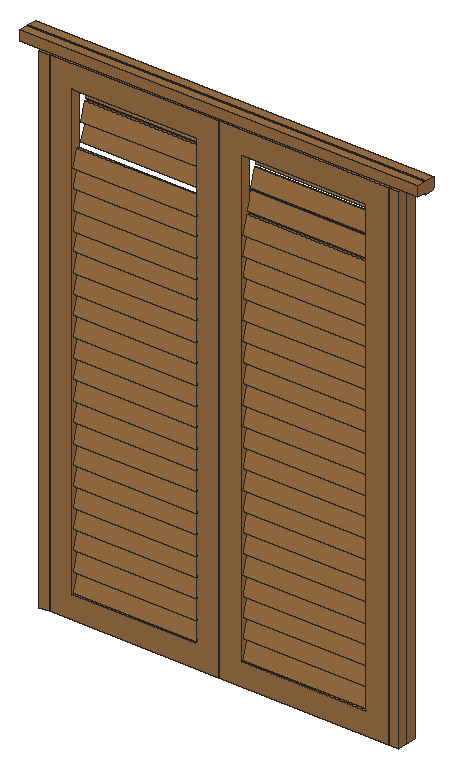
Revit family "DSP_A3-Double-Louvre-Door-2380", category Doors, host Wall, Revit 2016
Family settings
  Host = Wall
  Always vertical = Yes
  Cut with Voids When Loaded = No
  Shared = No
  Room Calculation Point = No
Parameters (values of type "1612w X 2125")
  URL = "http://www.swartland.co.za"
  Thickness = 0 mm
  Rough Width = Width - (2 * Frame Width)  # 1610 mm
  Rough Height = Height - 93 mm  # 2032 mm
  Model Type = "Double Door"
  Model = "Winsters"
  Material Glass = Glass
  Material Door Panel = Default Timber Door Panel
  Material Door Frame = Default Timber Door Frame
  Manufacturer Code Panel = ""
  Manufacturer Code Frame = ""
  Manufacturer = "Swartland"
  Height = 2125 mm
  Wall Closure = By host
  Width = 1676 mm
  Function = Interior
  Frame Width = 33 mm
  Construction Type = "Timber"
  Assembly Code = ""
Types (4, lengths in mm): name | Rough Width | Rough Height | Manufacturer Code Panel | Manufacturer Code Frame | Height | Width
  1612w X 2125 | 1610 | 2032 | "" | "" | 2125 | 1676
  1210w X 2125 | 1210 | 2032 | "PD6-1210" | "1210 N/S" | 2125 | 1276
  1210w X 2465 | 1210 | 2372 | "PD6-1210" | "1210 N/S" | 2465 | 1276
  1612w X 2465 | 1610 | 2339 | "" | "" | 2432 | 1676
Reference planes
  plane 1 "Center Line": y = 0
  plane 2 "Center (Left/Right)": x = 68.5
  plane 3 "Left": x = -769.5
  plane 4 "Right": x = 906.5
  plane 5: z = 2125
  plane 6 "Exterior": y = 110
  plane 7 "Interior": y = -110
  plane 8: x = 996.5
  plane 9: x = -859.5
  plane 10: x = 854.5
  plane 11: x = 873.5
  plane 12: x = -736.5
  plane 13: z = 2092
  plane 14: z = 205
  plane 15 "Panel centre": y = -24.5
  plane 16 "panel interior": y = -35.5
  plane 17 "Panel Exterior": y = -13.5
  plane 18: x = -617.5
  plane 19: x = 754.5
  plane 20: z = 1032.5
  plane 21: z = 105
  plane 22: z = 905
Forms (mm)
  Sweep 1, solid, material "Default TIMBER DOOR (USE)", detail levels medium+fine
    path origin (0, 0, 0) x (1, 0, 0) y (0, 0, 1)
      loop
        line (996.5, 2380) -> (-859.5, 2380)
    profile "Frame profile : Frame profile" origin (68.5, 0, 2380) x (0, 0, -1) y (0, -1, 0)
      loop
        line (0, -45) -> (47, -45) -> (47, -43)
        arc (47, -43) -> (51.243, -41.243) -> (53, -37) r 6
        line (53, -37) -> (55, -37) -> (55, 0) -> (40, 0) -> (40, 3) -> (47, 3) -> (47, 45) -> (0, 45) -> (0, 6) -> (10, 6) -> (10, 0) -> (0, 0) -> (0, -45)
  Sweep 2, solid, material "Default TIMBER DOOR (USE)", detail levels medium+fine
    path origin (0, 0, 0) x (1, 0, 0) y (0, 0, 1)
      loop
        line (906.5, 0) -> (906.5, 2325)
    profile "Frame profile : Frame profile" origin (906.5, 0, 1162.5) x (-1, 0, 0) y (0, -1, 0)
      loop
        line (0, -45) -> (47, -45) -> (47, -43)
        arc (47, -43) -> (51.243, -41.243) -> (53, -37) r 6
        line (53, -37) -> (55, -37) -> (55, 0) -> (40, 0) -> (40, 3) -> (47, 3) -> (47, 45) -> (0, 45) -> (0, 6) -> (10, 6) -> (10, 0) -> (0, 0) -> (0, -45)
  Sweep 3, solid, material "Default TIMBER DOOR (USE)", detail levels medium+fine
    path origin (0, 0, 0) x (1, 0, 0) y (0, 0, 1)
      loop
        line (-769.5, 0) -> (-769.5, 2325)
    profile "Frame profile : Frame profile" origin (-769.5, 0, 1162.5) x (-1, 0, 0) y (0, -1, 0)
      loop
        line (0, -45) -> (0, 0) -> (-10, 0) -> (-10, 6) -> (0, 6) -> (0, 45) -> (-47, 45) -> (-47, 3) -> (-40, 3) -> (-40, 0) -> (-55, 0) -> (-55, -37) -> (-53, -37)
        arc (-53, -37) -> (-51.243, -41.243) -> (-47, -43) r 6
        line (-47, -43) -> (-47, -45) -> (0, -45)
  Extrusion 4, solid, material "Default TIMBER DOOR (USE)"
    sketch origin (0, 0, 0) x (1, 0, 0) y (0, 0, 1)
      loop
        line (68.5, 0) -> (859.5, 0) -> (859.5, 2325) -> (68.5, 2325) -> (68.5, 0)
      loop
        line (173.5, 105) -> (754.5, 105) -> (754.5, 2220) -> (173.5, 2220) -> (173.5, 105)
    from 3 to 45
  Extrusion 5, solid, material "Default TIMBER DOOR (USE)"
    sketch origin (0, 0, 0) x (1, 0, 0) y (0, 0, 1)
      loop
        line (-722.5, 0) -> (68.5, 0) -> (68.5, 2325) -> (-722.5, 2325) -> (-722.5, 0)
      loop
        line (-617.5, 105) -> (-36.5, 105) -> (-36.5, 2220) -> (-617.5, 2220) -> (-617.5, 105)
    from 3 to 45
  Extrusion 6, solid, material "Default TIMBER DOOR (USE)"
    sketch origin (0, -61.597, 7.914) x (1, 0, 0) y (0, 0.292372, 0.956305)
      loop
        line (-36.5, 105) -> (-36.5, 185) -> (-617.5, 185) -> (-617.5, 105) -> (-36.5, 105)
    from 11 to -1
  Extrusion 7, solid, material "Default TIMBER DOOR (USE)"
    sketch origin (0, -64.521, 1783.304) x (1, 0, 0) y (0, 0.292372, 0.956305)
      loop
        line (-36.5, 105) -> (-36.5, 185) -> (-617.5, 185) -> (-617.5, 105) -> (-36.5, 105)
    from 11 to -1
  Extrusion 8, solid, material "Default TIMBER DOOR (USE)"
    sketch origin (0, -61.597, 97.162) x (1, 0, 0) y (0, 0.292372, 0.956305)
      loop
        line (-36.5, 105) -> (-36.5, 185) -> (-617.5, 185) -> (-617.5, 105) -> (-36.5, 105)
    from 11 to -1
  Extrusion 9, solid, material "Default TIMBER DOOR (USE)"
    sketch origin (0, -61.597, 186.409) x (1, 0, 0) y (0, 0.292372, 0.956305)
      loop
        line (-36.5, 105) -> (-36.5, 185) -> (-617.5, 185) -> (-617.5, 105) -> (-36.5, 105)
    from 11 to -1
  Extrusion 10, solid, material "Default TIMBER DOOR (USE)"
    sketch origin (0, -61.597, 275.657) x (1, 0, 0) y (0, 0.292372, 0.956305)
      loop
        line (-36.5, 105) -> (-36.5, 185) -> (-617.5, 185) -> (-617.5, 105) -> (-36.5, 105)
    from 11 to -1
  Extrusion 11, solid, material "Default TIMBER DOOR (USE)"
    sketch origin (0, -61.597, 364.905) x (1, 0, 0) y (0, 0.292372, 0.956305)
      loop
        line (-36.5, 105) -> (-36.5, 185) -> (-617.5, 185) -> (-617.5, 105) -> (-36.5, 105)
    from 11 to -1
  Extrusion 12, solid, material "Default TIMBER DOOR (USE)"
    sketch origin (0, -61.597, 454.152) x (1, 0, 0) y (0, 0.292372, 0.956305)
      loop
        line (-36.5, 105) -> (-36.5, 185) -> (-617.5, 185) -> (-617.5, 105) -> (-36.5, 105)
    from 11 to -1
  Extrusion 13, solid, material "Default TIMBER DOOR (USE)"
    sketch origin (0, -61.597, 543.4) x (1, 0, 0) y (0, 0.292372, 0.956305)
      loop
        line (-36.5, 105) -> (-36.5, 185) -> (-617.5, 185) -> (-617.5, 105) -> (-36.5, 105)
    from 11 to -1
  Extrusion 14, solid, material "Default TIMBER DOOR (USE)"
    sketch origin (0, -61.597, 632.648) x (1, 0, 0) y (0, 0.292372, 0.956305)
      loop
        line (-36.5, 105) -> (-36.5, 185) -> (-617.5, 185) -> (-617.5, 105) -> (-36.5, 105)
    from 11 to -1
  Extrusion 15, solid, material "Default TIMBER DOOR (USE)"
    sketch origin (0, -61.597, 721.895) x (1, 0, 0) y (0, 0.292372, 0.956305)
      loop
        line (-36.5, 105) -> (-36.5, 185) -> (-617.5, 185) -> (-617.5, 105) -> (-36.5, 105)
    from 11 to -1
  Extrusion 16, solid, material "Default TIMBER DOOR (USE)"
    sketch origin (0, -61.597, 811.143) x (1, 0, 0) y (0, 0.292372, 0.956305)
      loop
        line (-36.5, 105) -> (-36.5, 185) -> (-617.5, 185) -> (-617.5, 105) -> (-36.5, 105)
    from 11 to -1
  Extrusion 17, solid, material "Default TIMBER DOOR (USE)"
    sketch origin (0, -61.597, 900.391) x (1, 0, 0) y (0, 0.292372, 0.956305)
      loop
        line (-36.5, 105) -> (-36.5, 185) -> (-617.5, 185) -> (-617.5, 105) -> (-36.5, 105)
    from 11 to -1
  Extrusion 18, solid, material "Default TIMBER DOOR (USE)"
    sketch origin (0, -61.597, 989.638) x (1, 0, 0) y (0, 0.292372, 0.956305)
      loop
        line (-36.5, 105) -> (-36.5, 185) -> (-617.5, 185) -> (-617.5, 105) -> (-36.5, 105)
    from 11 to -1
  Extrusion 19, solid, material "Default TIMBER DOOR (USE)"
    sketch origin (0, -61.597, 1078.886) x (1, 0, 0) y (0, 0.292372, 0.956305)
      loop
        line (-36.5, 105) -> (-36.5, 185) -> (-617.5, 185) -> (-617.5, 105) -> (-36.5, 105)
    from 11 to -1
  Extrusion 20, solid, material "Default TIMBER DOOR (USE)"
    sketch origin (0, -61.597, 1168.134) x (1, 0, 0) y (0, 0.292372, 0.956305)
      loop
        line (-36.5, 105) -> (-36.5, 185) -> (-617.5, 185) -> (-617.5, 105) -> (-36.5, 105)
    from 11 to -1
  Extrusion 21, solid, material "Default TIMBER DOOR (USE)"
    sketch origin (0, -61.597, 1257.381) x (1, 0, 0) y (0, 0.292372, 0.956305)
      loop
        line (-36.5, 105) -> (-36.5, 185) -> (-617.5, 185) -> (-617.5, 105) -> (-36.5, 105)
    from 11 to -1
  Extrusion 22, solid, material "Default TIMBER DOOR (USE)"
    sketch origin (0, -61.597, 1346.629) x (1, 0, 0) y (0, 0.292372, 0.956305)
      loop
        line (-36.5, 105) -> (-36.5, 185) -> (-617.5, 185) -> (-617.5, 105) -> (-36.5, 105)
    from 11 to -1
  Extrusion 23, solid, material "Default TIMBER DOOR (USE)"
    sketch origin (0, -61.597, 1435.877) x (1, 0, 0) y (0, 0.292372, 0.956305)
      loop
        line (-36.5, 105) -> (-36.5, 185) -> (-617.5, 185) -> (-617.5, 105) -> (-36.5, 105)
    from 11 to -1
  Extrusion 24, solid, material "Default TIMBER DOOR (USE)"
    sketch origin (0, -63.059, 1520.343) x (1, 0, 0) y (0, 0.292372, 0.956305)
      loop
        line (-36.5, 105) -> (-36.5, 185) -> (-617.5, 185) -> (-617.5, 105) -> (-36.5, 105)
    from 11 to -1
  Extrusion 25, solid, material "Default TIMBER DOOR (USE)"
    sketch origin (0, -63.059, 1609.591) x (1, 0, 0) y (0, 0.292372, 0.956305)
      loop
        line (-36.5, 105) -> (-36.5, 185) -> (-617.5, 185) -> (-617.5, 105) -> (-36.5, 105)
    from 11 to -1
  Extrusion 26, solid, material "Default TIMBER DOOR (USE)"
    sketch origin (0, -63.059, 1698.838) x (1, 0, 0) y (0, 0.292372, 0.956305)
      loop
        line (-36.5, 105) -> (-36.5, 185) -> (-617.5, 185) -> (-617.5, 105) -> (-36.5, 105)
    from 11 to -1
  Extrusion 27, solid, material "Default TIMBER DOOR (USE)"
    sketch origin (791, -61.597, 7.914) x (1, 0, 0) y (0, 0.292372, 0.956305)
      loop
        line (-36.5, 105) -> (-36.5, 185) -> (-617.5, 185) -> (-617.5, 105) -> (-36.5, 105)
    from 11 to -1
  Extrusion 28, solid, material "Default TIMBER DOOR (USE)"
    sketch origin (791, -61.597, 1783.304) x (1, 0, 0) y (0, 0.292372, 0.956305)
      loop
        line (-36.5, 105) -> (-36.5, 185) -> (-617.5, 185) -> (-617.5, 105) -> (-36.5, 105)
    from 11 to -1
  Extrusion 29, solid, material "Default TIMBER DOOR (USE)"
    sketch origin (791, -61.597, 96.684) x (1, 0, 0) y (0, 0.292372, 0.956305)
      loop
        line (-36.5, 105) -> (-36.5, 185) -> (-617.5, 185) -> (-617.5, 105) -> (-36.5, 105)
    from 11 to -1
  Extrusion 30, solid, material "Default TIMBER DOOR (USE)"
    sketch origin (791, -61.597, 185.453) x (1, 0, 0) y (0, 0.292372, 0.956305)
      loop
        line (-36.5, 105) -> (-36.5, 185) -> (-617.5, 185) -> (-617.5, 105) -> (-36.5, 105)
    from 11 to -1
  Extrusion 31, solid, material "Default TIMBER DOOR (USE)"
    sketch origin (791, -61.597, 274.223) x (1, 0, 0) y (0, 0.292372, 0.956305)
      loop
        line (-36.5, 105) -> (-36.5, 185) -> (-617.5, 185) -> (-617.5, 105) -> (-36.5, 105)
    from 11 to -1
  Extrusion 32, solid, material "Default TIMBER DOOR (USE)"
    sketch origin (791, -61.597, 362.992) x (1, 0, 0) y (0, 0.292372, 0.956305)
      loop
        line (-36.5, 105) -> (-36.5, 185) -> (-617.5, 185) -> (-617.5, 105) -> (-36.5, 105)
    from 11 to -1
  Extrusion 33, solid, material "Default TIMBER DOOR (USE)"
    sketch origin (791, -61.597, 451.762) x (1, 0, 0) y (0, 0.292372, 0.956305)
      loop
        line (-36.5, 105) -> (-36.5, 185) -> (-617.5, 185) -> (-617.5, 105) -> (-36.5, 105)
    from 11 to -1
  Extrusion 34, solid, material "Default TIMBER DOOR (USE)"
    sketch origin (791, -61.597, 540.531) x (1, 0, 0) y (0, 0.292372, 0.956305)
      loop
        line (-36.5, 105) -> (-36.5, 185) -> (-617.5, 185) -> (-617.5, 105) -> (-36.5, 105)
    from 11 to -1
  Extrusion 35, solid, material "Default TIMBER DOOR (USE)"
    sketch origin (791, -61.597, 629.301) x (1, 0, 0) y (0, 0.292372, 0.956305)
      loop
        line (-36.5, 105) -> (-36.5, 185) -> (-617.5, 185) -> (-617.5, 105) -> (-36.5, 105)
    from 11 to -1
  Extrusion 36, solid, material "Default TIMBER DOOR (USE)"
    sketch origin (791, -61.597, 718.07) x (1, 0, 0) y (0, 0.292372, 0.956305)
      loop
        line (-36.5, 105) -> (-36.5, 185) -> (-617.5, 185) -> (-617.5, 105) -> (-36.5, 105)
    from 11 to -1
  Extrusion 37, solid, material "Default TIMBER DOOR (USE)"
    sketch origin (791, -61.597, 806.84) x (1, 0, 0) y (0, 0.292372, 0.956305)
      loop
        line (-36.5, 105) -> (-36.5, 185) -> (-617.5, 185) -> (-617.5, 105) -> (-36.5, 105)
    from 11 to -1
  Extrusion 38, solid, material "Default TIMBER DOOR (USE)"
    sketch origin (791, -61.597, 895.609) x (1, 0, 0) y (0, 0.292372, 0.956305)
      loop
        line (-36.5, 105) -> (-36.5, 185) -> (-617.5, 185) -> (-617.5, 105) -> (-36.5, 105)
    from 11 to -1
  Extrusion 39, solid, material "Default TIMBER DOOR (USE)"
    sketch origin (791, -61.597, 984.379) x (1, 0, 0) y (0, 0.292372, 0.956305)
      loop
        line (-36.5, 105) -> (-36.5, 185) -> (-617.5, 185) -> (-617.5, 105) -> (-36.5, 105)
    from 11 to -1
  Extrusion 40, solid, material "Default TIMBER DOOR (USE)"
    sketch origin (791, -61.597, 1073.148) x (1, 0, 0) y (0, 0.292372, 0.956305)
      loop
        line (-36.5, 105) -> (-36.5, 185) -> (-617.5, 185) -> (-617.5, 105) -> (-36.5, 105)
    from 11 to -1
  Extrusion 41, solid, material "Default TIMBER DOOR (USE)"
    sketch origin (791, -61.597, 1161.918) x (1, 0, 0) y (0, 0.292372, 0.956305)
      loop
        line (-36.5, 105) -> (-36.5, 185) -> (-617.5, 185) -> (-617.5, 105) -> (-36.5, 105)
    from 11 to -1
  Extrusion 42, solid, material "Default TIMBER DOOR (USE)"
    sketch origin (791, -61.597, 1250.687) x (1, 0, 0) y (0, 0.292372, 0.956305)
      loop
        line (-36.5, 105) -> (-36.5, 185) -> (-617.5, 185) -> (-617.5, 105) -> (-36.5, 105)
    from 11 to -1
  Extrusion 43, solid, material "Default TIMBER DOOR (USE)"
    sketch origin (791, -61.597, 1339.457) x (1, 0, 0) y (0, 0.292372, 0.956305)
      loop
        line (-36.5, 105) -> (-36.5, 185) -> (-617.5, 185) -> (-617.5, 105) -> (-36.5, 105)
    from 11 to -1
  Extrusion 44, solid, material "Default TIMBER DOOR (USE)"
    sketch origin (791, -61.597, 1428.226) x (1, 0, 0) y (0, 0.292372, 0.956305)
      loop
        line (-36.5, 105) -> (-36.5, 185) -> (-617.5, 185) -> (-617.5, 105) -> (-36.5, 105)
    from 11 to -1
  Extrusion 45, solid, material "Default TIMBER DOOR (USE)"
    sketch origin (791, -61.597, 1516.996) x (1, 0, 0) y (0, 0.292372, 0.956305)
      loop
        line (-36.5, 105) -> (-36.5, 185) -> (-617.5, 185) -> (-617.5, 105) -> (-36.5, 105)
    from 11 to -1
  Extrusion 46, solid, material "Default TIMBER DOOR (USE)"
    sketch origin (791, -61.597, 1605.765) x (1, 0, 0) y (0, 0.292372, 0.956305)
      loop
        line (-36.5, 105) -> (-36.5, 185) -> (-617.5, 185) -> (-617.5, 105) -> (-36.5, 105)
    from 11 to -1
  Extrusion 47, solid, material "Default TIMBER DOOR (USE)"
    sketch origin (791, -61.597, 1694.535) x (1, 0, 0) y (0, 0.292372, 0.956305)
      loop
        line (-36.5, 105) -> (-36.5, 185) -> (-617.5, 185) -> (-617.5, 105) -> (-36.5, 105)
    from 11 to -1
  Extrusion 48, solid, material "Default TIMBER DOOR (USE)"
    sketch origin (0, -10.432, 1870.973) x (1, 0, 0) y (0, 0.292372, 0.956305)
      loop
        line (-36.5, 105) -> (-36.5, 185) -> (-617.5, 185) -> (-617.5, 105) -> (-36.5, 105)
    from 11 to -1
  Extrusion 49, solid, material "Default TIMBER DOOR (USE)"
    sketch origin (0, -11.849, 1955.587) x (1, 0, 0) y (0, 0.292372, 0.956305)
      loop
        line (-36.5, 105) -> (-36.5, 185) -> (-617.5, 185) -> (-617.5, 105) -> (-36.5, 105)
    from 11 to -1
  Extrusion 50, solid, material "Default TIMBER DOOR (USE)"
    sketch origin (0, 14.611, 2042.134) x (1, 0, 0) y (0, 0.292372, 0.956305)
      loop
        line (-36.5, 105) -> (-36.5, 185) -> (-617.5, 185) -> (-617.5, 105) -> (-36.5, 105)
    from 11 to -1
  Extrusion 51, solid, material "Default TIMBER DOOR (USE)"
    sketch origin (791, -36.745, 1870.973) x (1, 0, 0) y (0, 0.292372, 0.956305)
      loop
        line (-36.5, 105) -> (-36.5, 185) -> (-617.5, 185) -> (-617.5, 105) -> (-36.5, 105)
    from 11 to -1
  Extrusion 52, solid, material "Default TIMBER DOOR (USE)"
    sketch origin (791, -10.33, 1955.587) x (1, 0, 0) y (0, 0.292372, 0.956305)
      loop
        line (-36.5, 105) -> (-36.5, 185) -> (-617.5, 185) -> (-617.5, 105) -> (-36.5, 105)
    from 11 to -1
  Extrusion 53, solid, material "Default TIMBER DOOR (USE)"
    sketch origin (791, 15.983, 2042.134) x (1, 0, 0) y (0, 0.292372, 0.956305)
      loop
        line (-36.5, 105) -> (-36.5, 185) -> (-617.5, 185) -> (-617.5, 105) -> (-36.5, 105)
    from 11 to -1
Cuts and joins
  joined: Sweep 1, Sweep 2, Sweep 3
Lines and regions (mm)
  Opening 1
    outline origin (-3050, -110, 0) x (1, 0, 0) y (0, 0, 1)
      loop
        line (2280.5, 0) -> (3956.5, 0) -> (3956.5, 2380) -> (2280.5, 2380) -> (2280.5, 0)
  symbolic lines, style "DoorsPanelProjection"
    curve 1: line (-717.5, 0, 0) -> (-672.5, 0, 0)
    curve 2: line (-717.5, -812, 0) -> (-717.5, 0, 0)
    curve 3: line (-672.5, -812, 0) -> (-717.5, -812, 0)
    curve 4: line (-672.5, 0, 0) -> (-672.5, -812, 0)
    curve 11: line (851.5, 0, 0) -> (806.5, 0, 0)
    curve 12: line (851.5, -812, 0) -> (851.5, 0, 0)
    curve 13: line (806.5, -812, 0) -> (851.5, -812, 0)
    curve 14: line (806.5, 0, 0) -> (806.5, -812, 0)
  symbolic lines, style "Elevation Swing"
    curve 5: line (754.5, 0, 1973) -> (68.5, 0, 1032.5)
    curve 6: line (68.5, 0, 1032.5) -> (754.5, 0, 105)
    curve 7: line (-617.5, 0, 1973) -> (68.5, 0, 1032.5)
    curve 8: line (68.5, 0, 1032.5) -> (-617.5, 0, 105)
  symbolic lines, style "Plan Swing"
    curve 9: arc (-672.5, -812, 0) -> (-133.726, -559.56, 0) -> (68.5, 0, 0) r 776.973
    curve 10: arc (809.5, -812, 0) -> (270.726, -559.56, 0) -> (68.5, 0, 0) r 776.973
Text (mm)
  text "Exterior" at (-2295.016, 1099.543, 0), in view "Ref. Level"
  text "Exterior" at (0, 1615.38, 3698.081), in view "Left"
  text "Exterior" at (0, 1036.032, 3874.932), in view "Right"
Dimensions and locks
  equal spacing: plane 3 "Left", plane 2 "Center (Left/Right)", plane 4 "Right"
  plane 12 to plane 11 = 1610 mm  (x2)
  host wall to plane 20 to plane 5 = 1032.5 mm, 1092.5 mm
  locked: host wall to plane 6 "Exterior" at 0
  locked: plane 7 "Interior" to host wall
  locked: plane 4 "Right" to plane 8 at 90
  locked: plane 9 to plane 3 "Left" at 90
  locked: plane 10 to plane 4 "Right" at 52
  "Frame Width": plane 3 "Left" to plane 12
  "Frame Width": plane 11 to plane 4 "Right"
  "Frame Width": plane 13 to plane 5
  locked: plane 15 "Panel centre" to plane 1 "Center Line" at 24.5
  locked: plane 19 to plane 4 "Right" at 152
  locked: plane 3 "Left" to plane 18 at 152
  locked: plane 21 to plane 14 at 100
  locked: level to plane 22 at 905
  "Height": plane 5 to level
  "Width": plane 3 "Left" to plane 4 "Right"
  equal spacing: group 20, group 22, group 23, group 24, group 25, group 26, group 27, group 28, group 29, group 30, group 31, group 32, group 33, group 34, group 35, group 36, group 37, group 38, group 39, group 40, group 21  (x3)
  aligned and locked: plane 3 "Left" to Opening 1 sketch curve
  aligned and locked: Opening 1 sketch curve to plane 4 "Right"
  aligned and locked: Opening 1 sketch curve to level
  aligned and locked: plane 1 "Center Line" to host wall
  aligned and locked: plane 21 to Extrusion 4
  aligned: Extrusion 7 to Extrusion 28
Automatic sketch dimensions
  Sweep 1 sketch curve to plane 5 = 255 mm
  Sweep 1 sketch curve to plane 9 = 0 mm
  Sweep 1 sketch curve to plane 8 = 0 mm
  curve 7 to plane 18 = 0 mm
  curve 5 to plane 19 = 0 mm
  curve 8 to plane 2 "Center (Left/Right)" = 0 mm
  curve 8 to plane 20 = 0 mm
  curve 8 to plane 18 = 0 mm
  curve 8 to plane 21 = 0 mm
  curve 6 to plane 19 = 0 mm
  curve 6 to plane 21 = 0 mm
  plane 13 to curve 5 = 119 mm
  plane 13 to curve 7 = 119 mm
  curve 2 to host wall = 0 mm
  curve 10 to host wall = 0 mm
  curve 10 to plane 2 "Center (Left/Right)" = 0 mm
  curve 14 to host wall = 0 mm
  plane 18 to curve 9 = 55 mm
  plane 16 "panel interior" to curve 9 = 0.322 mm
  plane 12 to curve 9 = 28.853 mm
  plane 12 to curve 1 = 19 mm
  plane 10 to curve 14 = 48 mm
  curve 14 to curve 10 = 3 mm
  plane 16 "panel interior" to curve 10 = 0.322 mm
  plane 10 to curve 10 = 9.853 mm
  plane 10 to curve 13 = 3 mm
  curve 14 to curve 10 = 0 mm
  Extrusion 7 sketch curve to Extrusion 7 sketch curve = 80 mm
  Extrusion 7 sketch curve to Extrusion 7 sketch curve = 581 mm
  Extrusion 8 sketch curve to Extrusion 8 sketch curve = 80 mm
  Extrusion 8 sketch curve to Extrusion 8 sketch curve = 581 mm
  Extrusion 9 sketch curve to Extrusion 9 sketch curve = 80 mm
  Extrusion 9 sketch curve to Extrusion 9 sketch curve = 581 mm
  Extrusion 10 sketch curve to Extrusion 10 sketch curve = 80 mm
  Extrusion 10 sketch curve to Extrusion 10 sketch curve = 581 mm
  Extrusion 11 sketch curve to Extrusion 11 sketch curve = 80 mm
  Extrusion 11 sketch curve to Extrusion 11 sketch curve = 581 mm
  Extrusion 12 sketch curve to Extrusion 12 sketch curve = 80 mm
  Extrusion 12 sketch curve to Extrusion 12 sketch curve = 581 mm
  Extrusion 13 sketch curve to Extrusion 13 sketch curve = 80 mm
  Extrusion 13 sketch curve to Extrusion 13 sketch curve = 581 mm
  Extrusion 14 sketch curve to Extrusion 14 sketch curve = 80 mm
  Extrusion 14 sketch curve to Extrusion 14 sketch curve = 581 mm
  Extrusion 15 sketch curve to Extrusion 15 sketch curve = 80 mm
  Extrusion 15 sketch curve to Extrusion 15 sketch curve = 581 mm
  Extrusion 16 sketch curve to Extrusion 16 sketch curve = 80 mm
  Extrusion 16 sketch curve to Extrusion 16 sketch curve = 581 mm
  Extrusion 17 sketch curve to Extrusion 17 sketch curve = 80 mm
  Extrusion 17 sketch curve to Extrusion 17 sketch curve = 581 mm
  Extrusion 18 sketch curve to Extrusion 18 sketch curve = 80 mm
  Extrusion 18 sketch curve to Extrusion 18 sketch curve = 581 mm
  Extrusion 19 sketch curve to Extrusion 19 sketch curve = 80 mm
  Extrusion 19 sketch curve to Extrusion 19 sketch curve = 581 mm
  Extrusion 20 sketch curve to Extrusion 20 sketch curve = 80 mm
  Extrusion 20 sketch curve to Extrusion 20 sketch curve = 581 mm
  Extrusion 21 sketch curve to Extrusion 21 sketch curve = 80 mm
  Extrusion 21 sketch curve to Extrusion 21 sketch curve = 581 mm
  Extrusion 22 sketch curve to Extrusion 22 sketch curve = 80 mm
  Extrusion 22 sketch curve to Extrusion 22 sketch curve = 581 mm
  Extrusion 23 sketch curve to Extrusion 23 sketch curve = 80 mm
  Extrusion 23 sketch curve to Extrusion 23 sketch curve = 581 mm
  Extrusion 24 sketch curve to Extrusion 24 sketch curve = 80 mm
  Extrusion 24 sketch curve to Extrusion 24 sketch curve = 581 mm
  Extrusion 25 sketch curve to Extrusion 25 sketch curve = 80 mm
  Extrusion 25 sketch curve to Extrusion 25 sketch curve = 581 mm
  Extrusion 26 sketch curve to Extrusion 26 sketch curve = 80 mm
  Extrusion 26 sketch curve to Extrusion 26 sketch curve = 581 mm
  Extrusion 6 sketch curve to plane 18 = 0 mm
  Extrusion 6 sketch curve to plane 2 "Center (Left/Right)" = 105 mm
  Extrusion 6 sketch curve to Extrusion 6 sketch curve = 80 mm
  Extrusion 16 sketch curve to plane 18 = 0 mm
  Extrusion 27 sketch curve to Extrusion 27 sketch curve = 80 mm
  Extrusion 27 sketch curve to Extrusion 27 sketch curve = 581 mm
  Extrusion 28 sketch curve to Extrusion 28 sketch curve = 80 mm
  Extrusion 28 sketch curve to Extrusion 28 sketch curve = 581 mm
  Extrusion 29 sketch curve to Extrusion 29 sketch curve = 80 mm
  Extrusion 29 sketch curve to Extrusion 29 sketch curve = 581 mm
  Extrusion 30 sketch curve to Extrusion 30 sketch curve = 80 mm
  Extrusion 30 sketch curve to Extrusion 30 sketch curve = 581 mm
  Extrusion 31 sketch curve to Extrusion 31 sketch curve = 80 mm
  Extrusion 31 sketch curve to Extrusion 31 sketch curve = 581 mm
  Extrusion 32 sketch curve to Extrusion 32 sketch curve = 80 mm
  Extrusion 32 sketch curve to Extrusion 32 sketch curve = 581 mm
  Extrusion 33 sketch curve to Extrusion 33 sketch curve = 80 mm
  Extrusion 33 sketch curve to Extrusion 33 sketch curve = 581 mm
  Extrusion 34 sketch curve to Extrusion 34 sketch curve = 80 mm
  Extrusion 34 sketch curve to Extrusion 34 sketch curve = 581 mm
  Extrusion 35 sketch curve to Extrusion 35 sketch curve = 80 mm
  Extrusion 35 sketch curve to Extrusion 35 sketch curve = 581 mm
  Extrusion 36 sketch curve to Extrusion 36 sketch curve = 80 mm
  Extrusion 36 sketch curve to Extrusion 36 sketch curve = 581 mm
  Extrusion 37 sketch curve to Extrusion 37 sketch curve = 80 mm
  Extrusion 37 sketch curve to Extrusion 37 sketch curve = 581 mm
  Extrusion 38 sketch curve to Extrusion 38 sketch curve = 80 mm
  Extrusion 38 sketch curve to Extrusion 38 sketch curve = 581 mm
  Extrusion 39 sketch curve to Extrusion 39 sketch curve = 80 mm
  Extrusion 39 sketch curve to Extrusion 39 sketch curve = 581 mm
  Extrusion 40 sketch curve to Extrusion 40 sketch curve = 80 mm
  Extrusion 40 sketch curve to Extrusion 40 sketch curve = 581 mm
  Extrusion 41 sketch curve to Extrusion 41 sketch curve = 80 mm
  Extrusion 41 sketch curve to Extrusion 41 sketch curve = 581 mm
  Extrusion 42 sketch curve to Extrusion 42 sketch curve = 80 mm
  Extrusion 42 sketch curve to Extrusion 42 sketch curve = 581 mm
  Extrusion 43 sketch curve to Extrusion 43 sketch curve = 80 mm
  Extrusion 43 sketch curve to Extrusion 43 sketch curve = 581 mm
  Extrusion 44 sketch curve to Extrusion 44 sketch curve = 80 mm
  Extrusion 44 sketch curve to Extrusion 44 sketch curve = 581 mm
  Extrusion 45 sketch curve to Extrusion 45 sketch curve = 80 mm
  Extrusion 45 sketch curve to Extrusion 45 sketch curve = 581 mm
  Extrusion 46 sketch curve to Extrusion 46 sketch curve = 80 mm
  Extrusion 46 sketch curve to Extrusion 46 sketch curve = 581 mm
  Extrusion 47 sketch curve to Extrusion 47 sketch curve = 80 mm
  Extrusion 47 sketch curve to Extrusion 47 sketch curve = 581 mm
  Opening 1 sketch curve to plane 5 = 255 mm
  Sweep 3 sketch curve to plane 3 "Left" = 0 mm
  Sweep 3 sketch curve to level = 0 mm
  Sweep 3 sketch curve to plane 5 = 200 mm
  Sweep 2 sketch curve to plane 4 "Right" = 0 mm
  Sweep 2 sketch curve to level = 0 mm
  Sweep 2 sketch curve to plane 5 = 200 mm
  Extrusion 5 sketch curve to level = 0 mm
  Extrusion 5 sketch curve to plane 18 = 0 mm
  Extrusion 5 sketch curve to plane 21 = 0 mm
  Extrusion 5 sketch curve to plane 2 "Center (Left/Right)" = 0 mm
  plane 12 to Extrusion 5 sketch curve = 14 mm
  Extrusion 5 sketch curve to plane 2 "Center (Left/Right)" = 105 mm
  Extrusion 5 sketch curve to plane 5 = 95 mm
  Extrusion 5 sketch curve to Extrusion 5 sketch curve = 105 mm
  Extrusion 48 sketch curve to Extrusion 48 sketch curve = 80 mm
  Extrusion 48 sketch curve to Extrusion 48 sketch curve = 581 mm
  Extrusion 49 sketch curve to Extrusion 49 sketch curve = 80 mm
  Extrusion 49 sketch curve to Extrusion 49 sketch curve = 581 mm
  Extrusion 50 sketch curve to Extrusion 50 sketch curve = 80 mm
  Extrusion 50 sketch curve to Extrusion 50 sketch curve = 581 mm
  Extrusion 4 sketch curve to plane 2 "Center (Left/Right)" = 0 mm
  Extrusion 4 sketch curve to plane 21 = 0 mm
  Extrusion 4 sketch curve to plane 19 = 0 mm
  Extrusion 4 sketch curve to level = 0 mm
  plane 2 "Center (Left/Right)" to Extrusion 4 sketch curve = 105 mm
  Extrusion 4 sketch curve to plane 10 = 5 mm
  Extrusion 4 sketch curve to plane 5 = 95 mm
  Extrusion 4 sketch curve to Extrusion 4 sketch curve = 105 mm
  Extrusion 51 sketch curve to Extrusion 51 sketch curve = 80 mm
  Extrusion 51 sketch curve to Extrusion 51 sketch curve = 581 mm
  Extrusion 52 sketch curve to Extrusion 52 sketch curve = 80 mm
  Extrusion 52 sketch curve to Extrusion 52 sketch curve = 581 mm
  Extrusion 53 sketch curve to Extrusion 53 sketch curve = 80 mm
  Extrusion 53 sketch curve to Extrusion 53 sketch curve = 581 mm
